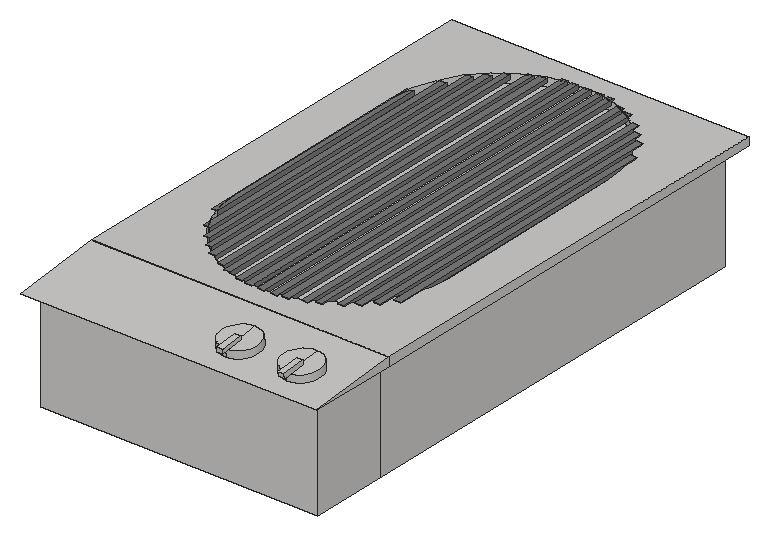
Revit family "VR230620", category Generic Models, Revit 2014
Parameters (values of type "VR230620")
  Width = 288 mm
  URL = "http://www.gaggenau.com."
  Model = "VR230620"
  Manufacturer = "Gaggenau"
  Height = 108.5 mm
  Unit = Metal Panel
  Description = "Gaggenau Vario 200 Series Electric Grill"
  Depth = 523 mm
  Grill = Black
Reference planes
  plane 1 "Center (Front/Back)": y = 0
  plane 2: z = 0
  plane 3 "Center (Left/Right)": x = 0
  plane 4: x = -144
  plane 5: x = 144
  plane 6: y = 261.5
  plane 7: y = -261.5
  plane 8: z = 108.5
  plane 9: z = 100
Forms (mm)
  Extrusion 1, solid, material "Metal Panel" <- "Unit"
    sketch origin (0, 0, 0) x (1, 0, 0) y (0, 1, 0)
      loop
        line (-144, 261.5) -> (-144, -174.435) -> (144, -174.435) -> (144, 261.5) -> (-144, 261.5)
      loop
        arc (-104, -49.738) -> (0, -153.738) -> (104, -49.738) r 104
        line (104, -49.738) -> (104, 138.852)
        arc (104, 138.852) -> (0, 242.852) -> (-104, 138.852) r 104
        line (-104, 138.852) -> (-104, -49.738)
    from 100 to 108.5
  Extrusion 2, solid, material "Metal Panel" <- "Unit"
    sketch origin (0, 0, 0) x (0, 1, 0) y (0, 0, 1)
      loop
        line (-174.435, 108.5) -> (-261.5, 100) -> (-174.435, 100) -> (-174.435, 108.5)
    from -144 to 144
  Extrusion 3, solid, material "Metal Panel" <- "Unit"
    sketch origin (0, 0, 0) x (0, 1, 0) y (0, 0, 1)
      loop
        line (-174.435, 0) -> (-174.435, 100) -> (-249.536, 100) -> (-249.536, 0) -> (-174.435, 0)
    from -133.509 to 134.942
  Revolve 4, solid, material "Metal Panel" <- "Unit"
    sketch origin (100, 8.611, 18.146) x (0, 0.994972, 0.100156) y (0, -0.100156, 0.994972)
      loop
        line (-205.139, 108.44) -> (-205.139, 115.612) -> (-223.465, 115.612) -> (-223.465, 108.44) -> (-205.139, 108.44)
      axis (-223.465, 108.44) -> (-223.465, 115.612)
    angle from 0 to 360
  Extrusion 5, solid, material "Metal Panel" <- "Unit"
    sketch origin (97.5, 8.611, 18.146) x (0, 0.994972, 0.100156) y (0, -0.100156, 0.994972)
      loop
        line (-225.755, 115.612) -> (-225.755, 119.831) -> (-248.334, 119.831) -> (-248.334, 115.612) -> (-225.755, 115.612)
    from 0 to 5.773
  Extrusion 6, solid, material "Metal Panel" <- "Unit"
    sketch origin (0, 0, 0) x (0, 1, 0) y (0, 0, 1)
      loop
        line (-174.435, 100) -> (-174.435, 0) -> (243.918, 0) -> (243.918, 100) -> (-174.435, 100)
    from -133.509 to 134.942
  Extrusion 7, solid, material "Black" <- "Grill"
    sketch origin (0, 0, 0) x (1, 0, 0) y (0, 1, 0)
      loop
        line (0, 242.852) -> (0, -153.542) -> (6.386, -153.542) -> (6.386, 242.852) -> (0, 242.852)
      loop
        line (-12.5, 242.852) -> (-12.5, -153.542) -> (-6.114, -153.542) -> (-6.114, 242.852) -> (-12.5, 242.852)
      loop
        line (-22.5, 242.852) -> (-22.5, -152.292) -> (-16.114, -152.292) -> (-16.114, 242.852) -> (-22.5, 242.852)
      loop
        line (-37.5, 236.014) -> (-37.5, -147.292) -> (-31.114, -147.292) -> (-31.114, 236.014) -> (-37.5, 236.014)
      loop
        line (-47.5, 232.852) -> (-47.5, -142.917) -> (-41.114, -142.917) -> (-41.114, 232.852) -> (-47.5, 232.852)
      loop
        line (-62.5, 222.852) -> (-62.5, -134.792) -> (-56.114, -134.792) -> (-56.114, 222.852) -> (-62.5, 222.852)
      loop
        line (-72.5, 212.852) -> (-72.5, -126.042) -> (-66.114, -126.042) -> (-66.114, 212.852) -> (-72.5, 212.852)
      loop
        line (-82.5, 202.852) -> (-82.5, -116.042) -> (-76.114, -116.042) -> (-76.114, 202.852) -> (-82.5, 202.852)
      loop
        line (-92.5, 182.852) -> (-92.5, -103.542) -> (-86.114, -103.542) -> (-86.114, 182.852) -> (-92.5, 182.852)
      loop
        line (-104, 157.852) -> (-104, -79.542) -> (-97.614, -79.542) -> (-97.614, 157.852) -> (-104, 157.852)
      loop
        line (18.886, 242.852) -> (12.5, 242.852) -> (12.5, -153.542) -> (18.886, -153.542) -> (18.886, 242.852)
      loop
        line (28.886, 242.852) -> (22.5, 242.852) -> (22.5, -152.292) -> (28.886, -152.292) -> (28.886, 242.852)
      loop
        line (43.886, 236.014) -> (37.5, 236.014) -> (37.5, -147.292) -> (43.886, -147.292) -> (43.886, 236.014)
      loop
        line (53.886, 232.852) -> (47.5, 232.852) -> (47.5, -142.917) -> (53.886, -142.917) -> (53.886, 232.852)
      loop
        line (68.886, 222.852) -> (62.5, 222.852) -> (62.5, -134.792) -> (68.886, -134.792) -> (68.886, 222.852)
      loop
        line (78.886, 212.852) -> (72.5, 212.852) -> (72.5, -126.042) -> (78.886, -126.042) -> (78.886, 212.852)
      loop
        line (88.886, 202.852) -> (82.5, 202.852) -> (82.5, -116.042) -> (88.886, -116.042) -> (88.886, 202.852)
      loop
        line (98.886, 182.852) -> (92.5, 182.852) -> (92.5, -103.542) -> (98.886, -103.542) -> (98.886, 182.852)
    from 104.692 to 108.5
  Revolve 8, solid, material "Metal Panel" <- "Unit"
    sketch origin (40, 8.611, 18.146) x (0, 0.994972, 0.100156) y (0, -0.100156, 0.994972)
      loop
        line (-205.139, 108.44) -> (-205.139, 115.612) -> (-223.465, 115.612) -> (-223.465, 108.44) -> (-205.139, 108.44)
      axis (-223.465, 108.44) -> (-223.465, 115.612)
    angle from 0 to 360
  Extrusion 9, solid, material "Metal Panel" <- "Unit"
    sketch origin (37.5, 8.611, 18.146) x (0, 0.994972, 0.100156) y (0, -0.100156, 0.994972)
      loop
        line (-225.755, 115.612) -> (-225.755, 119.831) -> (-248.334, 119.831) -> (-248.334, 115.612) -> (-225.755, 115.612)
    from 0 to 5.773
Dimensions and locks
  equal spacing: plane 4, plane 3 "Center (Left/Right)", plane 5
  equal spacing: plane 6, plane 1 "Center (Front/Back)", plane 7
  "Width": plane 4 to plane 5
  "Depth": plane 6 to plane 7
  "Height": plane 8 to plane 2
  aligned and locked: level to plane 2
Automatic sketch dimensions
  Extrusion 1 sketch curve to plane 4 = 0 mm
  Extrusion 1 sketch curve to plane 3 "Center (Left/Right)" = 0 mm
  Extrusion 1 sketch curve to plane 5 = 0 mm
  Extrusion 1 sketch curve to plane 6 = 0 mm
  plane 4 to Extrusion 1 sketch curve = 40 mm
  Extrusion 1 sketch curve to plane 6 = 122.648 mm
  plane 1 "Center (Front/Back)" to Extrusion 1 sketch curve = 49.738 mm
  Extrusion 1 sketch curve to plane 7 = 87.065 mm
  Extrusion 2 sketch curve to plane 7 = 0 mm
  Extrusion 2 sketch curve to plane 9 = 0 mm
  Extrusion 2 sketch curve to plane 8 = 0 mm
  Extrusion 2 sketch curve to plane 7 = 87.065 mm
  Extrusion 3 sketch curve to level = 0 mm
  Extrusion 3 sketch curve to plane 9 = 0 mm
  Extrusion 3 sketch curve to plane 7 = 11.964 mm
  Extrusion 3 sketch curve to Extrusion 3 sketch curve = 75.101 mm
  plane 9 to Revolve 4 sketch curve = 3.659 mm
  Revolve 4 sketch curve to plane 7 = 36.91 mm
  Revolve 4 sketch curve to Revolve 4 sketch curve = 18.325 mm
  Revolve 4 sketch curve to Revolve 4 sketch curve = 7.172 mm
  Revolve 4 sketch curve to Revolve 4 sketch curve = 0 mm  (x2)
  Revolve 4 sketch curve to Revolve 4 sketch curve = 2.893 mm
  Extrusion 5 sketch curve to plane 8 = 0.196 mm
  Extrusion 5 sketch curve to plane 7 = 11.447 mm
  Extrusion 5 sketch curve to Extrusion 5 sketch curve = 22.579 mm
  Extrusion 5 sketch curve to Extrusion 5 sketch curve = 4.22 mm
  Extrusion 6 sketch curve to level = 0 mm
  Extrusion 6 sketch curve to plane 9 = 0 mm
  Extrusion 6 sketch curve to plane 7 = 87.065 mm
  Extrusion 6 sketch curve to plane 6 = 17.582 mm
  Extrusion 7 sketch curve to plane 3 "Center (Left/Right)" = 0 mm
  Extrusion 7 sketch curve to Extrusion 7 sketch curve = 6.114 mm  (x2)
  Extrusion 7 sketch curve to Extrusion 7 sketch curve = 6.386 mm  (x17)
  Extrusion 7 sketch curve to Extrusion 7 sketch curve = 3.614 mm  (x10)
  Extrusion 7 sketch curve to Extrusion 7 sketch curve = 8.614 mm  (x4)
  Extrusion 7 sketch curve to Extrusion 7 sketch curve = 5.114 mm
  plane 3 "Center (Left/Right)" to Extrusion 7 sketch curve = 6.386 mm
  Extrusion 7 sketch curve to plane 7 = 107.958 mm
  Extrusion 7 sketch curve to Extrusion 7 sketch curve = 0 mm  (x5)
  Extrusion 7 sketch curve to Extrusion 7 sketch curve = 1.25 mm  (x2)
  Extrusion 7 sketch curve to Extrusion 7 sketch curve = 5 mm  (x2)
  Extrusion 7 sketch curve to Extrusion 7 sketch curve = 4.375 mm  (x2)
  Extrusion 7 sketch curve to Extrusion 7 sketch curve = 8.125 mm  (x2)
  Extrusion 7 sketch curve to Extrusion 7 sketch curve = 8.75 mm  (x2)
  Extrusion 7 sketch curve to Extrusion 7 sketch curve = 10 mm  (x8)
  Extrusion 7 sketch curve to Extrusion 7 sketch curve = 12.5 mm  (x2)
  Extrusion 7 sketch curve to Extrusion 7 sketch curve = 24 mm
  Extrusion 7 sketch curve to plane 6 = 103.648 mm
  Extrusion 7 sketch curve to Extrusion 7 sketch curve = 25 mm
  Extrusion 7 sketch curve to Extrusion 7 sketch curve = 20 mm  (x2)
  Extrusion 7 sketch curve to Extrusion 7 sketch curve = 3.162 mm  (x2)
  Extrusion 7 sketch curve to Extrusion 7 sketch curve = 6.838 mm  (x2)
  plane 9 to Revolve 8 sketch curve = 3.659 mm
  Revolve 8 sketch curve to plane 7 = 36.91 mm
  Revolve 8 sketch curve to Revolve 8 sketch curve = 18.325 mm
  Revolve 8 sketch curve to Revolve 8 sketch curve = 7.172 mm
  Revolve 8 sketch curve to Revolve 8 sketch curve = 0 mm  (x2)
  Revolve 8 sketch curve to Revolve 8 sketch curve = 2.893 mm
  Extrusion 9 sketch curve to plane 8 = 0.196 mm
  Extrusion 9 sketch curve to plane 7 = 11.447 mm
  Extrusion 9 sketch curve to Extrusion 9 sketch curve = 22.579 mm
  Extrusion 9 sketch curve to Extrusion 9 sketch curve = 4.22 mm
  Extrusion 7 sketch curve to plane 6 = 78.648 mm
